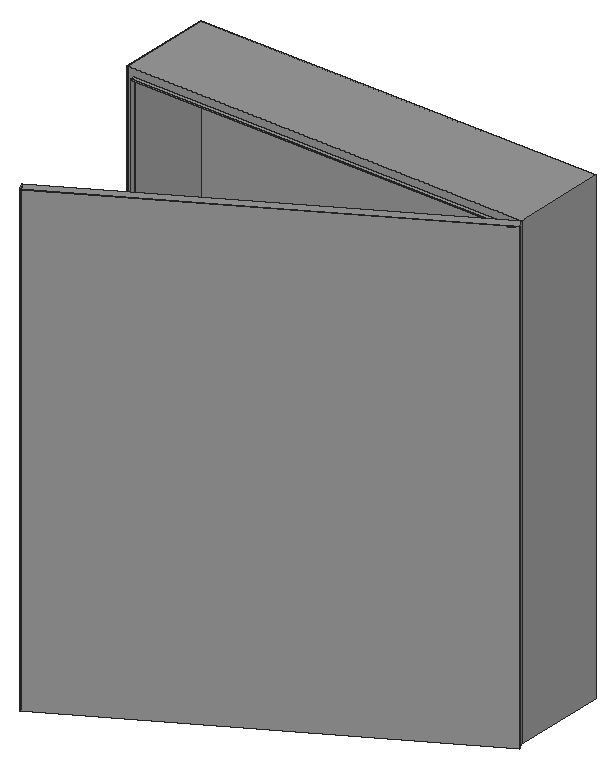
Revit family "Hager-Univers-IP54-D205-H950-Cl.II-Encl-NoHosted-AT-de", category Equipement électrique, Revit 2020
Family settings
  Configuration du panneau = Deux colonnes, circuits au sein
  Cote de connecteur circulaire = Utiliser le diamètre
  Type d'élément = Tableau de raccordement
  Basée sur le plan de construction = Oui
  Toujours verticalement = Oui
  Couper avec des vides une fois chargée = Non
  Partagée = Non
  Point de calcul de pièce = Non
Parameters (values of type "Aufputz IP54 B800 H950 T205  - FP63SW2")
  Width Control [instance] = if([EF000008 - Breite] > Min Width, [EF000008 - Breite], Min Width)  # 800 mm
  Commentaires du type = [HG000003 - Bereich]  # "Univers"
  Thickness Door [instance] = if([EF009171 - Materialstärke Tür/Deckel] > 3 mm, 3 mm, [EF009171 - Materialstärke Tür/Deckel])  # 1 mm
  Seal Frame Offset [instance] = 17 mm  # constant formula
  Plinth Visibility [instance] = [HG000027 - Sockelhöhe] > 0 mm  # no
  Min Width [instance] = 100 mm  # constant formula
  Min Depth [instance] = (2 * [EF009170 - Materialstärke Gehäuse]) + 1 mm  # 3 mm
  Min Height [instance] = 100 mm  # constant formula
  Internal Frame Depth [instance] = (Door System Depth * 0.5)  # 9 mm
  Panel Name [instance] = ""  # (empty or 0)
  Model = ""
  HG000027 - Sockelhöhe = 0 mm
  HG000026 - Stehend auf dem Boden = no
  HG000024 - Höhe des unteren Teils = 600 mm
  HG000023 - Gehäuse mit doppeltem Querschnitt = no
  HG000016 - 3D-Türsichtbarkeit [instance] = yes
  HG000015 - Sichtbarkeit der Türöffnung [instance] = no
  HG000014 - Tür rechts [instance] = yes
  HG000013 - Tür links [instance] = not([HG000014 - Tür rechts])  # no
  HG000012 - Türschwenkwinkel [instance] = 30.00°
  HG000010 - Asymmetrische Türen = no
  HG000009 - Doppelflügeligen Tür = no
  HG000006 - Unterputz = no
  HG000004 - Herstellerreferenz = "FP63SW2"
  HG000003 - Bereich = "Univers"
  HG000002 - Mit tür = yes
  Frame Offset Bottom [instance] = 10 mm  # constant formula
  Frame Offset [instance] = 15 mm  # constant formula
  EF015940 - Deckel mit Überdruckentlastung = no
  EF011959 - Schutzart (NEMA) = ""
  EF009554 - Anzahl der Öffnungen für Flanschplatten = 6
  EF009212 - Ausführung Deckel = "EV000116 - geschlossen"
  EF009171 - Materialstärke Tür/Deckel = 1 mm
  EF009170 - Materialstärke Gehäuse = 1 mm
  EF008873 - Nennstrom (In) = 250 A
  EF007800 - Geeignet für Blitzschutz = no
  EF006306 - Mit Schloss = no
  EF006244 - Transparenter Deckel/Tür = no
  EF005474 - Schutzart (IP) = "EV006419 - IP54"
  EF004464 - Art der Tür = "EV002646 - Einzel"
  EF004427 - Anzahl der Module = 216
  EF004293 - Schlagfestigkeit = "EV006815 - IK09"
  EF003532 - Geeignet für Außengebrauch = no
  EF002950 - Breite in Teilungseinheiten = 36
  EF001613 - Funktionserhalt = "EV000494 - ohne"
  EF001596 - Werkstoff des Gehäuses = "EV000179 - Stahl"
  EF001131 - Innentiefe = 130 mm
  EF001088 - Anbaumöglichkeit = yes
  EF000437 - Anzahl der Leitungseinführungen = 6
  EF000339 - Art der Abdeckung = "EV004216 - Tür"
  EF000266 - Anzahl der Reihen = 6
  EF000218 - Einbautiefe = 205 mm
  EF000118 - Mit Montageplatte = no
  EF000116 - RAL-Nummer = "9010"
  EF000049 - Tiefe = 205 mm
  EF000040 - Höhe = 950 mm
  EF000008 - Breite = 800 mm
  EF000007 - Farbe = "EV000202 - weiß"
  EF000003 - Montageart = "EV000384 - Aufputz"
  Door System Leaf Tolerance [instance] = 1.5 mm  # constant formula
  Door System Depth [instance] = 18 mm  # constant formula
  Door Height [instance] = Height Control - [HG000027 - Sockelhöhe]  # 950 mm
  Description = ""
  Default Elevation = 1219.2 mm
  Connector Offset [instance] = Height Control / 2  # 475 mm
  Fabricant = "Hager"  # constant formula
  Height Control [instance] = if([EF000040 - Höhe] > Min Height, [EF000040 - Höhe], Min Height)  # 950 mm
  Depth Control [instance] = if([EF000049 - Tiefe] > Min Depth, [EF000049 - Tiefe], Min Depth)  # 205 mm
  Bottom Top Plate Trim [instance] = 1.5 mm  # constant formula
  Plinth height Ctrl [instance] = if([HG000027 - Sockelhöhe] > 0 mm, [HG000027 - Sockelhöhe], 12 mm)  # 12 mm
Types (5, lengths in mm): name | Width Control | HG000010 - Asymmetrische Türen | HG000009 - Doppelflügeligen Tür | HG000004 - Herstellerreferenz | EF009554 - Anzahl der Öffnungen für Flanschplatten | EF004464 - Art der Tür | EF004427 - Anzahl der Module | EF002950 - Breite in Teilungseinheiten | EF000437 - Anzahl der Leitungseinführungen | EF000008 - Breite
  Aufputz IP54 B1050 H950 T205  - FP64SW2 | 1050 | no | yes | "FP64SW2" | 8 | "EV003602 - Doppel" | 288 | 48 | 8 | 1050
  Aufputz IP54 B1300 H950 T205  - FP65SW2 | 1300 | yes | yes | "FP65SW2" | 10 | "EV003602 - Doppel" | 360 | 60 | 10 | 1300
  Aufputz IP54 B300 H950 T205  - FP61SW2 | 300 | no | no | "FP61SW2" | 2 | "EV002646 - Einzel" | 72 | 12 | 2 | 300
  Aufputz IP54 B550 H950 T205  - FP62SW2 | 550 | no | no | "FP62SW2" | 4 | "EV002646 - Einzel" | 144 | 24 | 4 | 550
  Aufputz IP54 B800 H950 T205  - FP63SW2 | 800 | no | no | "FP63SW2" | 6 | "EV002646 - Einzel" | 216 | 36 | 6 | 800
Reference planes
  plane 1 "Center (Front/Back)": y = 0
  plane 2: z = 0
  plane 3 "Center (Left/Right)": x = 0
  plane 4: y = 0
  plane 5: y = 0
  plane 6: z = 0
  plane 7: x = -400
  plane 8: x = 400
  plane 9: x = 399
  plane 10: x = -399
  plane 11: z = 0
  plane 12: z = 1
  plane 13: y = -205
  plane 14: y = -1
  plane 15: x = 0
  plane 16: y = -187
  plane 17: y = -204
  plane 18: y = -186
  plane 19: x = -384
  plane 20: x = 384
  plane 21: z = 11
  plane 22: x = -383
  plane 23: x = 383
  plane 24: z = 0
  plane 25: z = 950
  plane 26: z = 950
  plane 27: z = 934
  plane 28: z = 949
Forms (mm)
  Extrusion 1, solid, material "Hager_Steel_RAL7035_Light_Grey", detail levels medium+fine
    sketch origin (-208.679, -4572, 0) x (-1, 0, 0) y (0, -1, 0)
      loop
        line (191.321, -4385) -> (-608.679, -4385) -> (-608.679, -4572) -> (191.321, -4572) -> (191.321, -4385)
    from 0 to 950
  Extrusion 2, void
    sketch origin (-350.771, -205, 1219.2) x (1, 0, 0) y (0, 0, 1)
      loop
        line (-48.229, -270.2) -> (-48.229, -1218.2) -> (749.771, -1218.2) -> (749.771, -270.2) -> (-48.229, -270.2)
    from -19 to -204
  Extrusion 3, void
    sketch origin (-290.084, -187, 1219.2) x (1, 0, 0) y (0, 0, 1)
      loop
        line (-93.916, -1208.2) -> (674.084, -1208.2) -> (674.084, -285.2) -> (-93.916, -285.2) -> (-93.916, -1208.2)
    from 0 to -1
  Extrusion 4, solid, material "Hager_Steel_RAL7035_Light_Grey", visible <- "Plinth Visibility", detail levels medium+fine
    sketch origin (0, 0, 0) x (1, 0, 0) y (0, 1, 0)
      loop
        line (-400, 0) -> (-400, -187) -> (400, -187) -> (400, 0) -> (-400, 0)
    from 0 to 12 <- "Plinth height Ctrl"
  Extrusion 5, solid, material "Hager_Steel_RAL7035_Light_Grey", detail levels coarse
    sketch origin (0, 0, 0) x (1, 0, 0) y (0, 1, 0)
      loop
        line (-400, 0) -> (-400, -205) -> (400, -205) -> (400, 0) -> (-400, 0)
    from 0 to 950 <- "Height Control"
  Sweep 6, void
    path in 3D
      loop
        line (-400, -187, 12) -> (400, -187, 12) -> (400, 0, 12) -> (-400, 0, 12) -> (-400, -187, 12)
    profile origin (-400, -93.5, 12) x (1, 0, 0) y (0, 0, 1)
      loop
        line (0, 0) -> (0, -1.5) -> (1.5, -1.5)
        arc (1.5, -1.5) -> (1.061, -0.439) -> (0, 0) r 1.5
  Extrusion 7, solid, material "Hager_Steel_RAL7035_Light_Grey", detail levels fine
    sketch origin (-400, -187, 0) x (1, 0, 0) y (0, 0, 1)
      loop
        line (16, 11) -> (784, 11) -> (784, 934) -> (16, 934) -> (16, 11)
      loop
        line (15, 10) -> (785, 10) -> (785, 935) -> (15, 935) -> (15, 10)
    from 0 to 9 <- "Internal Frame Depth"
Cuts and joins
  Extrusion 2, Extrusion 3 cuts Extrusion 1
  Sweep 6 cuts Extrusion 4
Lines and regions (mm)
  Masking region 1
    outline origin (0, 0, 0) x (1, 0, 0) y (0, 1, 0)
      loop
        line (-400, 0) -> (-400, -205) -> (400, -205) -> (400, 0) -> (-400, 0)
  Masking region 2, detail levels coarse
    outline origin (-290.084, -187, 1219.2) x (-1, 0, 0) y (0, 0, 1)
      loop
        line (-690.084, -1219.2) -> (109.916, -1219.2) -> (109.916, -269.2) -> (-690.084, -269.2) -> (-690.084, -1219.2)
  Masking region 3, detail levels coarse
    outline origin (0, 0, 0) x (0, 1, 0) y (0, 0, 1)
      loop
        line (0, 0) -> (0, 950) -> (-205, 950) -> (-205, 0) -> (0, 0)
  Masking region 4, visible <- "Plinth Visibility", detail levels medium+fine
    outline origin (0, 0, 0) x (0, 1, 0) y (0, 0, 1)
      loop
        line (-1.5, 12) -> (-185.5, 12)
        arc (-185.5, 12) -> (-185.939, 10.939) -> (-187, 10.5) r 1.5
        line (-187, 10.5) -> (-187, 0) -> (0, 0) -> (0, 10.5)
        arc (0, 10.5) -> (-1.061, 10.939) -> (-1.5, 12) r 1.5
  Masking region 5, detail levels medium+fine
    outline origin (0, 0, 594.038) x (0, 1, 0) y (0, 0, 1)
      loop
        line (0, -594.038) -> (0, 355.962) -> (-187, 355.962) -> (-187, -594.038) -> (0, -594.038)
  Masking region 6, detail levels medium+fine
    outline origin (-359.7, -187, 1211.883) x (-1, 0, 0) y (0, 0, 1)
      loop
        line (-759.7, -1211.883) -> (40.3, -1211.883) -> (40.3, -261.883) -> (-759.7, -261.883) -> (-759.7, -1211.883)
  Masking region 7, visible <- "Plinth Visibility", detail levels medium+fine
    outline origin (-320.334, -187, 1041.368) x (-1, 0, 0) y (0, 0, 1)
      loop
        line (-720.334, -1041.368) -> (79.666, -1041.368) -> (79.666, -1030.868)
        arc (79.666, -1030.868) -> (78.606, -1030.429) -> (78.166, -1029.368) r 1.5
        line (78.166, -1029.368) -> (-718.834, -1029.368)
        arc (-718.834, -1029.368) -> (-719.273, -1030.429) -> (-720.334, -1030.868) r 1.5
        line (-720.334, -1030.868) -> (-720.334, -1041.368)
  sketch lines
    curve 1: line (-400, 0, 12) -> (-400, -187, 12)
    curve 2: line (-400, -187, 12) -> (400, -187, 12)
    curve 3: line (400, 0, 12) -> (-400, 0, 12)
    curve 4: line (400, -187, 12) -> (400, 0, 12)
Dimensions and locks
  locked: plane 1 "Center (Front/Back)" to plane 5
  "EF009170 - Materialstärke Gehäuse": plane 7 to plane 10
  "EF009170 - Materialstärke Gehäuse": plane 8 to plane 9
  equal spacing: plane 7, plane 3 "Center (Left/Right)", plane 8
  "Width Control": plane 7 to plane 8
  "Depth Control": plane 4 to plane 13
  "EF009170 - Materialstärke Gehäuse": plane 4 to plane 14
  "Height Control": plane 25 to level
  "HG000027 - Sockelhöhe": plane 11 to level
  "EF009170 - Materialstärke Gehäuse": plane 12 to plane 11
  "EF009170 - Materialstärke Gehäuse": plane 17 to plane 13
  "EF009170 - Materialstärke Gehäuse": plane 18 to plane 16
  "Frame Offset Bottom": plane 21 to plane 12
  "Frame Offset": plane 10 to plane 19
  "Frame Offset": plane 9 to plane 20
  "Door System Depth": plane 16 to plane 13
  "Seal Frame Offset": plane 7 to plane 22
  "Seal Frame Offset": plane 8 to plane 23
  "EF009170 - Materialstärke Gehäuse": plane 26 to plane 28
  "Frame Offset": plane 28 to plane 27
  "Connector Offset": plane 2 to connector elem
  "Bottom Top Plate Trim": profile plane to Sweep 6 sketch curve
  "Bottom Top Plate Trim": Sweep 6 sketch curve to Sweep 6 sketch curve
  "Plinth height Ctrl": Masking region 4 sketch curve to level
  "Plinth height Ctrl": Masking region 7 sketch curve to level
  "Thickness Door": Extrusion 7 sketch curve to Extrusion 7 sketch curve  (x4)
  "Bottom Top Plate Trim": radius of Sweep 6 sketch curve
  "Bottom Top Plate Trim": radius of Masking region 4 sketch curve  (x2)
  "Bottom Top Plate Trim": radius of Masking region 7 sketch curve  (x2)
  aligned and locked: Extrusion 2 sketch curve to plane 12
  aligned and locked: Extrusion 2 sketch curve to plane 9
  aligned and locked: Extrusion 2 sketch curve to plane 10
  aligned and locked: Extrusion 2 to plane 14
  aligned and locked: Extrusion 1 sketch curve to plane 4
  aligned and locked: plane 8 to Extrusion 1 sketch curve
  aligned and locked: plane 7 to Extrusion 1 sketch curve
  aligned and locked: Extrusion 2 to plane 18
  aligned and locked: Extrusion 3 sketch curve to plane 19
  aligned and locked: plane 20 to Extrusion 3 sketch curve
  aligned and locked: Extrusion 3 to Extrusion 2
  aligned and locked: Extrusion 3 sketch curve to plane 21
  aligned and locked: plane 3 "Center (Left/Right)" to nested 1
  aligned and locked: Extrusion 1 sketch curve to plane 16
  aligned and locked: Extrusion 4 sketch curve to cut or joined group of Extrusion 1, Extrusion 2, Extrusion 3
  aligned and locked: Masking region 1 sketch curve to plane 7
  aligned and locked: Masking region 1 sketch curve to plane 5
  aligned and locked: Masking region 1 sketch curve to plane 8
  aligned and locked: Masking region 2 sketch curve to level
  aligned and locked: level to Masking region 3 sketch curve
  aligned and locked: plane 1 "Center (Front/Back)" to Masking region 3 sketch curve
  aligned and locked: plane 13 to Masking region 3 sketch curve
  aligned and locked: plane 5 to Masking region 4 sketch curve
  aligned and locked: Masking region 2 sketch curve to plane 8
  aligned and locked: Masking region 2 sketch curve to plane 7
  aligned and locked: plane 7 to nested 2
  aligned and locked: nested 2 to plane 5
  aligned and locked: plane 5 to Masking region 5 sketch curve
  aligned and locked: plane 26 to Masking region 5 sketch curve
  aligned and locked: Extrusion 5 sketch curve to plane 8
  aligned and locked: Extrusion 5 sketch curve to plane 7
  aligned and locked: Extrusion 5 sketch curve to plane 5
  aligned and locked: Extrusion 3 sketch curve to plane 27
  aligned and locked: Extrusion 2 sketch curve to plane 28
  aligned and locked: Masking region 2 to plane 25
  aligned and locked: Extrusion 4 to plane 16
  aligned and locked: profile plane to Sweep 6 sketch curve
  aligned and locked: Masking region 5 sketch curve to plane 24
  aligned and locked: level to Masking region 4 sketch curve
  aligned and locked: Masking region 1 to plane 13
  aligned and locked: nested 1 to plane 16
  aligned and locked: Masking region 3 to plane 25
  aligned and locked: plane 16 to Masking region 4 sketch curve
  aligned and locked: Masking region 5 sketch curve to plane 16
  aligned and locked: plane 24 to plane 11
  aligned and locked: plane 26 to plane 25
  aligned and locked: plane 26 to cut or joined group of Extrusion 1, Extrusion 2, Extrusion 3
  aligned and locked: nested 1 to plane 24
  aligned and locked: Extrusion 1 to Extrusion 3
  aligned and locked: Masking region 6 sketch curve to plane 8
  aligned and locked: Masking region 6 sketch curve to plane 24
  aligned and locked: Masking region 6 sketch curve to plane 7
  aligned and locked: Masking region 6 sketch curve to plane 26
  aligned and locked: Masking region 7 sketch curve to plane 7
  aligned and locked: level to Masking region 7 sketch curve
  aligned and locked: Masking region 7 sketch curve to plane 8
  aligned and locked: Extrusion 7 sketch curve to cut or joined group of Extrusion 1, Extrusion 2, Extrusion 3  (x4)
Automatic sketch dimensions
  plane 19 to Extrusion 3 sketch curve = 0 mm
  Extrusion 3 sketch curve to plane 20 = 0 mm
  Extrusion 3 sketch curve to plane 21 = 0 mm
  Extrusion 4 sketch curve to plane 7 = 0 mm
  Extrusion 4 sketch curve to plane 8 = 0 mm
  Extrusion 4 sketch curve to plane 16 = 0 mm
  Masking region 1 sketch curve to plane 13 = 0 mm
  Masking region 2 sketch curve to plane 25 = 0 mm
  Masking region 3 sketch curve to plane 25 = 0 mm
  Extrusion 5 sketch curve to plane 13 = 0 mm
  profile plane to Sweep 6 sketch curve = 0 mm
Nested families
  nested 1: "EC000058_Univers_Door" at (0, -187, 0), Double <- "HG000009 - Doppelflügeligen Tür", Transparent <- "EF006244 - Transparenter Deckel/Tür", Angle <- "HG000012 - Türschwenkwinkel", Door_Right <- "HG000014 - Tür rechts", Assymetrical <- "HG000010 - Asymmetrische Türen", Door <- "HG000002 - Mit tür", Width_Ctrl <- "Width Control", 3d_Door <- "HG000016 - 3D-Türsichtbarkeit", Clearance <- "HG000015 - Sichtbarkeit der Türöffnung", Door_Left <- "HG000013 - Tür links", Width <- "Width Control", Door_Depth <- "Door System Depth", Leaf_Tolerance <- "Door System Leaf Tolerance", Height <- "Door Height", Lock_Visibility <- "EF006306 - Mit Schloss", Thickness <- "Thickness Door", type "EC000058_Univers_Door", detail levels medium+fine
    with min_wh 3 mm, Width_Ctrl 800 mm, Width 800 mm, Transparent no, Thickness 1 mm, Seal_Material Hager_Rubber, Lock_Visibility no, Lock_Material Hager_Plastic_RAL9005_Jet_Black, Leaf_Width 800 mm, Leaf_Tolerance_External_Sides 0 mm, Leaf_Tolerance 1.5 mm, Leaf_Offset 0 mm, Leaf_Height 947 mm, Leaf_2_Width 800 mm, Leaf_2_Offset 400 mm, Leaf_1_Width 800 mm, Leaf_1_Offset 400 mm, Height_Ctrl 950 mm, Height 950 mm, Glass_Material Hager_Glass, Double_Clearance_Ctrl no, Double no, Door_Right_Ctrl yes, Door_Right yes, Door_Material Hager_Steel_RAL7035_Light_Grey, Door_Left_Ctrl no, Door_Left no, Door_Depth 18 mm, Door yes, Clearance_Material Hager_Clearance, Clearance_Depth 800 mm, Clearance_Ctrl no, Clearance no, Assymetrical no, Angle 30.00°, 3d_Door yes
  nested 2: "Hager_Enclosure_Symbol" at (-400, 0, 0), Height <- "Depth Control", Width <- "Width Control", type "Hager_Enclosure_Symbol"
    with Width_Ctrl 800 mm, Width 800 mm, Height_Ctrl 205 mm, Height 205 mm, A_Width_Int 13.453 mm, A_Width 161.438 mm, A_Height_Ctrl 179.375 mm, A_Height 179.375 mm
Connectors
  electrical at (0, 0, 475)
    settings: on plane 1 "Center (Front/Back)", index 1, voltage 0 V, apparent load 0 VA, apparent load phase1 0 VA, apparent load phase2 0 VA, apparent load phase3 0 VA, power factor 1, load classification "Other", number of poles 1, system type 30, power factor state 1, is connector primary yes, connector utility no, sub classification motor no, connector description ""
Definition of nested family "EC000058_Univers_Door"
  Parameters (values of type "EC000058_Univers_Door")
    min_wh [instance] = (2 * Thickness) + 1 mm  # 11 mm
    Width_Ctrl [instance] = 400 mm
    Width [instance] = 500 mm
    Transparent [instance] = yes
    Thickness [instance] = 5 mm
    Seal_Material [instance] = none
    Lock_Visibility [instance] = yes
    Lock_Material [instance] = none
    Leaf_Width [instance] = if((Width_Ctrl - 2 * Leaf_Tolerance_External_Sides) > 0 mm, (Width_Ctrl - 2 * Leaf_Tolerance_External_Sides), min_wh)  # 400 mm
    Leaf_Tolerance_External_Sides [instance] = 0 mm  # constant formula
    Leaf_Tolerance [instance] = 1.5 mm
    Leaf_Offset [instance] = 0 mm  # constant formula
    Leaf_Height [instance] = if((Height_Ctrl - 2 * Leaf_Tolerance) > 0 mm, (Height_Ctrl - 2 * Leaf_Tolerance), min_wh)  # 497 mm
    Leaf_2_Width [instance] = if(and(and(Double, Assymetrical), Door_Left), (Leaf_Width / 3) - (Leaf_Tolerance / 2), if(and(and(Double, Assymetrical), Door_Right), (Leaf_Width / 3) * 2 - (Leaf_Tolerance / 2), if(and(Double, not(Assymetrical)), (Leaf_Width / 2) - Leaf_Tolerance, Leaf_Width)))  # 400 mm
    Leaf_2_Offset [instance] = if(and(Double, Assymetrical), Leaf_2_Width / 2, if(and(Double, not(Assymetrical)), Leaf_Width / 4, Leaf_Width / 2))  # 200 mm
    Leaf_1_Width [instance] = if(and(and(Double, Assymetrical), Door_Right), (Leaf_Width / 3) - (Leaf_Tolerance / 2), if(and(and(Double, Assymetrical), Door_Left), (Width / 3) * 2 - (Leaf_Tolerance / 2), if(and(Double, not(Assymetrical)), (Leaf_Width / 2) - Leaf_Tolerance, Leaf_Width)))  # 400 mm
    Leaf_1_Offset [instance] = if(and(Double, Assymetrical), Leaf_1_Width / 2, if(and(Double, not(Assymetrical)), Leaf_Width / 4, Leaf_Width / 2))  # 200 mm
    Height_Ctrl [instance] = if(Height > min_wh, Height, min_wh)  # 500 mm
    Height [instance] = 500 mm
    Glass_Material [instance] = none
    Double_Clearance_Ctrl [instance] = and(Double, Clearance)  # no
    Double [instance] = no
    Door_Right_Ctrl [instance] = and(or(Door_Right, Double), Door)  # yes
    Door_Right [instance] = yes
    Door_Material [instance] = none
    Door_Left_Ctrl [instance] = and(or(Door_Left, Double), Door)  # no
    Door_Left [instance] = no
    Door_Depth [instance] = 30 mm
    Door [instance] = yes
    Default Elevation = 1219.2 mm
    Clearance_Material [instance] = none
    Clearance_Depth [instance] = if(Leaf_1_Width > Leaf_2_Width, Leaf_1_Width, Leaf_2_Width)  # 400 mm
    Clearance_Ctrl [instance] = and(not(Double), Clearance)  # yes
    Clearance [instance] = yes
    Assymetrical [instance] = yes
    Angle [instance] = 30.00°
    3d_Door [instance] = yes
  Reference planes
    plane 1 "Center (Front/Back)": y = 0
    plane 2 "Bottom": z = 0
    plane 3 "Center (Left/Right)": x = 0
    plane 4: z = 500
    plane 5: x = -200
    plane 6: x = 200
    plane 7: z = 500
    plane 8: x = -200
    plane 9: z = 0
    plane 10: x = 200
    plane 11: y = 0
    plane 12: z = 1.5
    plane 13: x = -600
    plane 14: y = -400
    plane 15: x = 600
    plane 16: x = 0
    plane 17: x = 0
    plane 18: x = -200
    plane 19: x = 200
    plane 20: z = 498.5
  Forms (mm)
    Extrusion 1, solid, material <- "Clearance_Material", visible <- "Double_Clearance_Ctrl"
      sketch origin (1200, 0, 0) x (1, 0, 0) y (0, 0, -1)
        loop
          line (-1800, -498.5) -> (-600, -498.5) -> (-600, 0) -> (-1800, 0) -> (-1800, -498.5)
      from 0 to -400
  Dimensions and locks
    equal spacing: plane 5, plane 3 "Center (Left/Right)", plane 6
    "Width_Ctrl": plane 5 to plane 6
    "Leaf_Offset": plane 5 to plane 8
    "Leaf_Offset": plane 6 to plane 10
    "Leaf_Offset": plane 9 to level
    "Leaf_Offset": plane 4 to plane 7
    "Height_Ctrl": plane 4 to level
    "Leaf_Tolerance": plane 12 to plane 9
    locked: plane 11 to plane 1 "Center (Front/Back)"
    "Leaf_1_Offset": plane 18 to plane 16
    "Leaf_2_Offset": plane 17 to plane 19
    "Leaf_1_Width": plane 13 to plane 8
    "Leaf_2_Width": plane 10 to plane 15
    "Clearance_Depth": plane 14 to plane 1 "Center (Front/Back)"
    "Leaf_Tolerance_External_Sides": plane 8 to plane 18
    "Leaf_Tolerance_External_Sides": plane 19 to plane 10
    "Leaf_Tolerance": plane 7 to plane 20
    aligned and locked: level to plane 2 "Bottom"
    aligned and locked: nested 1 to plane 16
    aligned and locked: nested 2 to plane 17
    aligned and locked: Extrusion 1 to plane 13
    aligned and locked: plane 15 to Extrusion 1
    aligned and locked: Extrusion 1 to plane 14
    aligned and locked: plane 12 to nested 1
    aligned and locked: nested 2 to plane 12
    aligned and locked: Extrusion 1 to plane 11
    aligned and locked: plane 20 to Extrusion 1
    aligned and locked: nested 2 to plane 11
    aligned and locked: nested 1 to plane 11
  Automatic sketch dimensions
    Extrusion 1 sketch curve to level = 0 mm
    plane 5 to Extrusion 1 sketch curve = 400 mm
    plane 6 to Extrusion 1 sketch curve = 400 mm
    Extrusion 1 sketch curve to plane 4 = 1.5 mm
  Nested families
    nested 1: "EC000058_Univers_Door_Leaf" at (0, 0, 1.5), Width <- "Leaf_1_Width", visible <- "Door_Left_Ctrl", Leaf_Height <- "Leaf_Height", Angle <- "Angle", 3d_Door <- "3d_Door", Transparent <- "Transparent", Clearance Material <- "Clearance_Material", Clearance <- "Clearance_Ctrl", Door_Material <- "Door_Material", Glass_Material <- "Glass_Material", Door_Depth <- "Door_Depth", Lock_Material <- "Lock_Material", Seal_Material <- "Seal_Material", Lock_Visibility <- "Lock_Visibility", Thickness <- "Thickness", type "EC000058_Univers_Door_Leaf"
      with Width 400 mm, Transparent_Glass_Offset 30 mm, Transparent_Ctrl yes, Transparent yes, Thickness 5 mm, Standard no, Seal_Material none, Seal_D2 8 mm, Seal_D1 1 mm, Offset_Internal_Frame 10 mm, Lock_Width 20 mm, Lock_Visibility_3d yes, Lock_Visibility yes, Lock_Thickness_3 3 mm, Lock_Thickness_2 1 mm, Lock_Thickness_1 3 mm, Lock_Radius_Offset_2 16 mm, Lock_Radius_Offset_1 15 mm, Lock_Radius_2 5 mm, Lock_Radius 6 mm, Lock_Offset 5 mm, Lock_Material none, Lock_Height 80 mm, Lock_Cover_Top_Offset_2d 17 mm, Lock_Cover_Height -65 mm, Leaf_Height 497 mm, Internal_Seal_Thickness 8 mm, Internal_Seal_Depth_2 4.5 mm, Internal_Frame_Depth 25 mm, Glass_Thickness -1 mm, Glass_Offset -2 mm, Glass_Material none, Door_Material none, Door_Depth 30 mm, Clearance Material none, Clearance yes, Angle_Ctrl 30.00°, Angle 30.00°, 3d_Door yes
    nested 2: "EC000058_Univers_Door_Leaf" at (0, 0, 1.5) x (-1, 0, 0) z (0, 0, 1), Width <- "Leaf_2_Width", visible <- "Door_Right_Ctrl", Leaf_Height <- "Leaf_Height", Angle <- "Angle", 3d_Door <- "3d_Door", Transparent <- "Transparent", Clearance Material <- "Clearance_Material", Clearance <- "Clearance_Ctrl", Door_Material <- "Door_Material", Glass_Material <- "Glass_Material", Door_Depth <- "Door_Depth", Lock_Material <- "Lock_Material", Seal_Material <- "Seal_Material", Lock_Visibility <- "Lock_Visibility", Thickness <- "Thickness", type "EC000058_Univers_Door_Leaf"
      with Width 400 mm, Transparent_Glass_Offset 30 mm, Transparent_Ctrl yes, Transparent yes, Thickness 5 mm, Standard no, Seal_Material none, Seal_D2 8 mm, Seal_D1 1 mm, Offset_Internal_Frame 10 mm, Lock_Width 20 mm, Lock_Visibility_3d yes, Lock_Visibility yes, Lock_Thickness_3 3 mm, Lock_Thickness_2 1 mm, Lock_Thickness_1 3 mm, Lock_Radius_Offset_2 16 mm, Lock_Radius_Offset_1 15 mm, Lock_Radius_2 5 mm, Lock_Radius 6 mm, Lock_Offset 5 mm, Lock_Material none, Lock_Height 80 mm, Lock_Cover_Top_Offset_2d 17 mm, Lock_Cover_Height -65 mm, Leaf_Height 497 mm, Internal_Seal_Thickness 8 mm, Internal_Seal_Depth_2 4.5 mm, Internal_Frame_Depth 25 mm, Glass_Thickness -1 mm, Glass_Offset -2 mm, Glass_Material none, Door_Material none, Door_Depth 30 mm, Clearance Material none, Clearance yes, Angle_Ctrl 30.00°, Angle 30.00°, 3d_Door yes
  Definition of nested family "EC000058_Univers_Door_Leaf"
    Parameters (values of type "EC000058_Univers_Door_Leaf")
      Width [instance] = 2000 mm
      Transparent_Glass_Offset [instance] = 30 mm
      Transparent_Ctrl [instance] = and(Transparent, [3d_Door])  # yes
      Transparent [instance] = yes
      Thickness [instance] = 5 mm
      Standard [instance] = and(not(Transparent), [3d_Door])  # no
      Seal_Material [instance] = none
      Seal_D2 [instance] = 8 mm  # constant formula
      Seal_D1 [instance] = 1 mm  # constant formula
      Offset_Internal_Frame [instance] = 10 mm  # constant formula
      Lock_Width [instance] = 20 mm  # constant formula
      Lock_Visibility_3d [instance] = and(Lock_Visibility, [3d_Door])  # yes
      Lock_Visibility [instance] = yes
      Lock_Thickness_3 [instance] = 3 mm  # constant formula
      Lock_Thickness_2 [instance] = 1 mm  # constant formula
      Lock_Thickness_1 [instance] = 3 mm  # constant formula
      Lock_Radius_Offset_2 [instance] = Lock_Radius_Offset_1 + 1 mm  # 16 mm
      Lock_Radius_Offset_1 [instance] = 15 mm  # constant formula
      Lock_Radius_2 [instance] = Lock_Radius - 1 mm  # 5 mm
      Lock_Radius [instance] = 6 mm  # constant formula
      Lock_Offset [instance] = 5 mm  # constant formula
      Lock_Material [instance] = none
      Lock_Height [instance] = 80 mm  # constant formula
      Lock_Cover_Top_Offset_2d [instance] = Lock_Radius_Offset_2 + 1 mm  # 17 mm
      Lock_Cover_Height [instance] = -(Lock_Height - Lock_Radius_Offset_1)  # -65 mm
      Leaf_Height [instance] = 2720.336 mm
      Internal_Seal_Thickness [instance] = 8 mm  # constant formula
      Internal_Seal_Depth_2 [instance] = 4.5 mm  # constant formula
      Internal_Frame_Depth [instance] = if(Door_Depth - Thickness > 5 mm, Door_Depth - Thickness, 5 mm)  # 25 mm
      Glass_Thickness [instance] = if(Thickness > 15 mm, Glass_Offset + 10 mm, -1 mm)  # -1 mm
      Glass_Offset [instance] = if(Thickness > 15 mm, -(Thickness + 10 mm) / 2, -2 mm)  # -2 mm
      Glass_Material [instance] = none
      Door_Material [instance] = none
      Door_Depth [instance] = 30 mm
      Default Elevation = 0 mm
      Clearance Material [instance] = none
      Clearance [instance] = yes
      Angle_Ctrl [instance] = if(Angle > 180.00°, 180.00°, Angle)  # 90.00°
      Angle [instance] = 90.00°
      3d_Door [instance] = yes
    Reference planes
      plane 1 "Center (Front/Back)": y = 0
      plane 2: z = 0
      plane 3 "Center (Left/Right)": x = 0
      plane 4: y = 2000
      plane 5: x = -1000
      plane 6: x = 1000
      plane 7: x = -3000
      plane 8: z = 2720.336
      plane 9: z = 30
      plane 10: z = 2690.336
      plane 11: x = 970
      plane 12: x = -970
      plane 13: y = -3
      plane 14: z = 107.833
      plane 15: y = -5
      plane 16: y = -223.314
      plane 17: x = -1000
      plane 18: z = 1360.168
      plane 19: y = 30
    Forms (mm)
      Extrusion 1, solid, material <- "Clearance Material", visible <- "Clearance"
        sketch origin (0, 0, 0) x (1, 0, 0) y (0, 0, 1)
          loop
            line (-3000, 2720.336) -> (-3000, 0) -> (1000, 0) -> (1000, 2720.336) -> (-3000, 2720.336)
        from 0 to -2000
      Extrusion 2, solid, material <- "Door_Material", visible <- "Standard", detail levels medium+fine
        sketch origin (-1000, 0, 0) x (0, 1, 0) y (-1, 0, 0)
          loop
            line (0, 30) -> (0, 25) -> (2000, 25) -> (2000, 30) -> (0, 30)
        from 0 to 2720.336 <- "Leaf_Height"
      Extrusion 3, solid, material <- "Door_Material", visible <- "Transparent_Ctrl", detail levels medium+fine
        sketch origin (-1000, 0, 0) x (0, 1, 0) y (-1, 0, 0)
          loop
            line (0, 25) -> (2000, 25) -> (2000, 30) -> (0, 30) -> (0, 25)
        from 0 to 2720.336 <- "Leaf_Height"
      Extrusion 4, void
        sketch origin (-1025, 2000, 0) x (0, 1, 0) y (0, 0, -1)
          loop
            line (-30, -2690.336) -> (-30, -30) -> (-1970, -30) -> (-1970, -2690.336) -> (-30, -2690.336)
        from 0 to 5 <- "Thickness"
      Sweep 5, solid, material <- "Seal_Material", visible <- "Transparent_Ctrl", detail levels fine
        path in 3D
          loop
            line (-1025, 30, 30) -> (-1025, 30, 2690.336) -> (-1025, 1970, 2690.336) -> (-1025, 1970, 30) -> (-1025, 30, 30)
        profile origin (-1025, 1000, 30) x (1, 0, 0) y (0, 0, 1)
          loop
            line (0, 0) -> (0, -8) -> (1, -8) -> (1, 0) -> (0, 0)
      Extrusion 6, solid, material <- "Glass_Material", visible <- "Transparent_Ctrl", detail levels medium+fine
        sketch origin (-1030, 0, 0) x (0, 1, 0) y (0, 0, -1)
          loop
            line (1970, -2690.336) -> (1970, -30) -> (30, -30) -> (30, -2690.336) -> (1970, -2690.336)
        from -2 <- "Glass_Offset" to -1 <- "Glass_Thickness"
      Extrusion 7, solid, material <- "Door_Material", visible <- "3d_Door", detail levels medium+fine
        sketch origin (-1025, 2000, 0) x (0, -1, 0) y (0, 0, -1)
          loop
            line (0, -2720.336) -> (2000, -2720.336) -> (2000, 0) -> (0, 0) -> (0, -2720.336)
          loop
            line (1995, -5) -> (5, -5) -> (5, -2715.336) -> (1995, -2715.336) -> (1995, -5)
        from 0 to 25 <- "Internal_Frame_Depth"
      Sweep 8, solid, material <- "Seal_Material", visible <- "Transparent_Ctrl", detail levels fine
        path in 3D
          loop
            line (-1025, 0, 0) -> (-1025, 2000, 0) -> (-1025, 2000, 2720.336) -> (-1025, 0, 2720.336) -> (-1025, 0, 0)
        profile origin (-1025, 0, 1360.168) x (1, 0, 0) y (0, 1, 0)
          loop
            line (0, 10) -> (2.975, 10)
            arc (2.975, 10) -> (4.053, 10.447) -> (4.5, 11.525) r 1.525
            line (4.5, 11.525) -> (4.5, 16.527)
            arc (4.5, 16.527) -> (4.069, 17.569) -> (3.027, 18) r 1.473
            line (3.027, 18) -> (0, 18) -> (0, 10)
      Extrusion 9, solid, material <- "Lock_Material", visible <- "Lock_Visibility_3d", detail levels fine
        sketch origin (-1030, 0, 0) x (0, 1, 0) y (0, 0, -1)
          loop
            arc (1993.5, -1400.168) -> (1994.561, -1399.729) -> (1995, -1398.668) r 1.5
            line (1995, -1398.668) -> (1995, -1320.168) -> (1975, -1320.168) -> (1975, -1398.668)
            arc (1975, -1398.668) -> (1975.439, -1399.729) -> (1976.5, -1400.168) r 1.5
            line (1976.5, -1400.168) -> (1993.5, -1400.168)
        from 3 <- "Lock_Thickness_1" to 0
      Blend 10, solid, material <- "Lock_Material", visible <- "Lock_Visibility_3d", detail levels fine
        base sketch origin (-1033, 0, 0) x (0, 1, 0) y (0, 0, -1)
          loop
            line (1975, -1320.168) -> (1975, -1398.668)
            arc (1975, -1398.668) -> (1975.439, -1399.729) -> (1976.5, -1400.168) r 1.5
            line (1976.5, -1400.168) -> (1993.5, -1400.168)
            arc (1993.5, -1400.168) -> (1994.561, -1399.729) -> (1995, -1398.668) r 1.5
            line (1995, -1398.668) -> (1995, -1320.168) -> (1975, -1320.168)
        top sketch origin (-1033, 0, 0) x (0, 1, 0) y (0, 0, -1)
          loop
            line (1976, -1320.168) -> (1976, -1398.668)
            arc (1976, -1398.668) -> (1976.146, -1399.022) -> (1976.5, -1399.168) r 0.5
            line (1976.5, -1399.168) -> (1993.5, -1399.168)
            arc (1993.5, -1399.168) -> (1993.854, -1399.022) -> (1994, -1398.668) r 0.5
            line (1994, -1398.668) -> (1994, -1320.168) -> (1976, -1320.168)
        from 0 to 1 <- "Lock_Thickness_2"
      Blend 11, solid, material <- "Lock_Material", visible <- "Lock_Visibility_3d", detail levels fine
        base sketch origin (-1034, 0, 0) x (0, 1, 0) y (0, 0, -1)
          loop
            line (1978, -1320.168) -> (1978, -1384.168)
            arc (1978, -1384.168) -> (1985, -1391.168) -> (1992, -1384.168) r 7
            line (1992, -1384.168) -> (1992, -1320.168) -> (1978, -1320.168)
        top sketch origin (-1034, 0, 0) x (0, 1, 0) y (0, 0, -1)
          loop
            line (1991, -1320.168) -> (1979, -1320.168) -> (1979, -1383.168)
            arc (1979, -1383.168) -> (1985, -1389.168) -> (1991, -1383.168) r 6
            line (1991, -1383.168) -> (1991, -1320.168)
        from 0 to 3 <- "Lock_Thickness_3"
      Extrusion 12, solid, material <- "Lock_Material", visible <- "Lock_Visibility_3d", detail levels fine
        sketch origin (-1030, 1975, 1320.168) x (1, 0, 0) y (0, -1, 0)
          loop
            line (-7, -19) -> (-7, -1) -> (0, -1) -> (0, 0) -> (-8, 0) -> (-8, -20) -> (0, -20) -> (0, -19) -> (-7, -19)
        from 0 to -65 <- "Lock_Cover_Height"
      Extrusion 13, void
        sketch origin (-1038, 1995, 1320.168) x (-1, 0, 0) y (0, 0, -1)
          loop
            line (-5, -65) -> (0, -65) -> (-5, -60) -> (-5, -65)
        from 0 to 20 <- "Lock_Width"
      Extrusion 14, void
        sketch origin (-1038, 1975, 1320.168) x (0, -1, 0) y (0, 0, -1)
          loop
            circle (-10, -15.995) r 6
          loop
            circle (-10, -15.995) r 5
        from 0 to 2
      Extrusion 15, solid, material <- "Lock_Material", visible <- "Lock_Visibility_3d", detail levels medium
        sketch origin (-1030, 0, 0) x (0, 1, 0) y (0, 0, -1)
          loop
            arc (1993.5, -1400.168) -> (1994.561, -1399.729) -> (1995, -1398.668) r 1.5
            line (1995, -1398.668) -> (1995, -1320.168) -> (1975, -1320.168) -> (1975, -1398.668)
            arc (1975, -1398.668) -> (1975.439, -1399.729) -> (1976.5, -1400.168) r 1.5
            line (1976.5, -1400.168) -> (1993.5, -1400.168)
        from 8 to 0
    Cuts and joins
      Extrusion 4 cuts Extrusion 3
      Extrusion 13, Extrusion 14 cuts Extrusion 9
      Extrusion 14 cuts Blend 11
      Extrusion 13, Extrusion 14 cuts Extrusion 12
      joined: Extrusion 9, Blend 10, Blend 11, Extrusion 12
      Extrusion 14 cuts Extrusion 15
    Lines and regions (mm)
      Masking region 1, visible <- "Lock_Visibility", detail levels fine
        outline origin (0, 0, 0) x (0, 1, 0) y (0, 0, 1)
          loop
            line (30, 1320.168) -> (33, 1320.168) -> (33, 1400.168) -> (30, 1400.168) -> (30, 1320.168)
      Masking region 2, visible <- "Lock_Visibility", detail levels fine
        outline origin (0, 3.143, 0) x (0, 1, 0) y (0, 0, 1)
          loop
            line (29.857, 1354.168) -> (30.857, 1354.168) -> (30.857, 1366.168) -> (29.857, 1366.168) -> (29.857, 1354.168)
      Masking region 3, detail levels medium+fine
        outline origin (0, 0, 0) x (0, 1, 0) y (0, 0, 1)
          loop
            line (0, 0) -> (30, 0) -> (30, 2720.336) -> (0, 2720.336) -> (0, 0)
      Masking region 4, detail levels medium+fine
        outline origin (0, 0, 0) x (1, 0, 0) y (0, 0, 1)
          loop
            line (-1000, 2720.336) -> (-1000, 0) -> (1000, 0) -> (1000, 2720.336) -> (-1000, 2720.336)
      Masking region 5, visible <- "Lock_Visibility", detail levels fine
        outline origin (-47.116, 0, 0) x (1, 0, 0) y (0, 0, 1)
          loop
            arc (1024.616, 1399.168) -> (1023.556, 1398.729) -> (1023.116, 1397.668) r 1.5
            line (1023.116, 1397.668) -> (1023.116, 1320.168) -> (1041.116, 1320.168) -> (1041.116, 1397.668)
            arc (1041.116, 1397.668) -> (1040.677, 1398.729) -> (1039.616, 1399.168) r 1.5
            line (1039.616, 1399.168) -> (1024.616, 1399.168)
      Masking region 6, visible <- "Lock_Visibility", detail levels medium+fine
        outline origin (-25, 0, 0) x (1, 0, 0) y (0, 0, 1)
          loop
            arc (1001.5, 1400.168) -> (1000.439, 1399.729) -> (1000, 1398.668) r 1.5
            line (1000, 1398.668) -> (1000, 1320.168) -> (1020, 1320.168) -> (1020, 1398.668)
            arc (1020, 1398.668) -> (1019.561, 1399.729) -> (1018.5, 1400.168) r 1.5
            line (1018.5, 1400.168) -> (1001.5, 1400.168)
      Masking region 7, visible <- "Lock_Visibility", detail levels fine
        outline origin (-73.735, 0, 0) x (1, 0, 0) y (0, 0, 1)
          loop
            line (1051.735, 1382.168) -> (1065.735, 1382.168) -> (1065.735, 1384.168)
            arc (1065.735, 1384.168) -> (1058.735, 1391.168) -> (1051.735, 1384.168) r 7
            line (1051.735, 1384.168) -> (1051.735, 1382.168)
      Masking region 8, visible <- "Lock_Visibility", detail levels fine
        outline origin (-73.735, 0, 0) x (1, 0, 0) y (0, 0, 1)
          loop
            line (1052.735, 1382.168) -> (1064.735, 1382.168) -> (1064.735, 1383.168)
            arc (1064.735, 1383.168) -> (1058.735, 1389.168) -> (1052.735, 1383.168) r 6
            line (1052.735, 1383.168) -> (1052.735, 1382.168)
      Masking region 9, visible <- "Lock_Visibility", detail levels fine
        outline origin (-25, 0, 0) x (1, 0, 0) y (0, 0, 1)
          loop
            line (1020, 1320.168) -> (1020, 1382.168) -> (1000, 1382.168) -> (1000, 1320.168) -> (1020, 1320.168)
      Masking region 10, detail levels medium+fine
        outline origin (0, 0, 0) x (1, 0, 0) y (0, 0, 1)
          loop
            circle (985, 1335.144) r 6
      Masking region 11, detail levels fine
        outline origin (0, 0, 0) x (1, 0, 0) y (0, 0, 1)
          loop
            circle (985, 1335.144) r 5
      Masking region 12, visible <- "Lock_Visibility", detail levels fine
        outline origin (0, 12.767, 0) x (0, 1, 0) y (0, 0, 1)
          loop
            line (20.233, 1320.168) -> (21.233, 1320.168) -> (21.233, 1399.168) -> (20.233, 1400.168) -> (20.233, 1320.168)
      Masking region 13, visible <- "Lock_Visibility", detail levels fine
        outline origin (0, 13.767, -10) x (0, 1, 0) y (0, 0, 1)
          loop
            line (20.233, 1330.168) -> (23.233, 1330.168) -> (23.233, 1399.168) -> (20.233, 1402.168) -> (20.233, 1330.168)
      Masking region 14, visible <- "Lock_Visibility", detail levels fine
        outline origin (0, 12.767, -10) x (0, 1, 0) y (0, 0, 1)
          loop
            line (20.233, 1330.168) -> (25.233, 1330.168) -> (25.233, 1399.305) -> (20.233, 1394.305) -> (20.233, 1330.168)
      Masking region 15, visible <- "Lock_Visibility", detail levels medium
        outline origin (0, 0, 0) x (0, 1, 0) y (0, 0, 1)
          loop
            line (30, 1320.168) -> (38, 1320.168) -> (38, 1400.168) -> (30, 1400.168) -> (30, 1320.168)
      Masking region 16, visible <- "Lock_Visibility", detail levels fine
        outline origin (-1000, 0, 0) x (0, 1, 0) y (-1, 0, 0)
          loop
            line (1975, 30) -> (1995, 30) -> (1995, 38) -> (1975, 38) -> (1975, 30)
          loop
            line (1979, 37) -> (1976, 37) -> (1976, 34) -> (1978, 34) -> (1979, 37)
          loop
            line (1994, 37) -> (1991, 37) -> (1992, 34) -> (1994, 34) -> (1994, 37)
      Masking region 17, visible <- "Lock_Visibility", detail levels medium
        outline origin (-1000, 0, 0) x (0, 1, 0) y (-1, 0, 0)
          loop
            line (1975, 30) -> (1995, 30) -> (1995, 38) -> (1975, 38) -> (1975, 30)
      symbolic lines
        curve 1: line (1000, 0, 0) -> (-3000, 0, 0)
        curve 2: arc (1000, 0, 0) -> (-1000, 2000, 0) -> (-3000, 0, 0) r 2000
        curve 4: line (-1030, 0, 0) -> (-1030, 2000, 0)
      reference lines
        curve 3: line (-1000, 0, 0) -> (-1000, 2000, 0)
      symbolic lines, detail levels medium+fine
        curve 5: line (-1030, 2000, 0) -> (-1025, 2000, 0)
        curve 7: line (-1025, 0, 0) -> (-1030, 0, 0)
        curve 8: line (-1025, 0, 0) -> (-1000, 0, 0)
        curve 9: line (-1000, 0, 0) -> (-1000, 2000, 0)
        curve 10: line (-1000, 2000, 0) -> (-1025, 2000, 0)
      symbolic lines, detail levels fine
        curve 6: line (-1025, 2000, 0) -> (-1025, 0, 0)
      sketch lines
        curve 11: line (-1025, 0, 2720.336) -> (-1025, 0, 0)
        curve 12: line (-1025, 2000, 0) -> (-1025, 0, 0)
        curve 13: line (-1025, 2000, 2720.336) -> (-1025, 2000, 0)
        curve 14: line (-1025, 0, 2720.336) -> (-1025, 2000, 2720.336)
        curve 15: line (-1025, 1970, 30) -> (-1025, 30, 30)
        curve 16: line (-1025, 30, 30) -> (-1025, 30, 2690.336)
        curve 17: line (-1025, 1970, 2690.336) -> (-1025, 1970, 30)
        curve 18: line (-1025, 30, 2690.336) -> (-1025, 1970, 2690.336)
      symbolic lines, visible <- "Transparent", detail levels medium+fine
        curve 19: line (-970, 0, 2690.336) -> (970, 0, 2690.336)
        curve 20: line (-970, 0, 30) -> (-970, 0, 2690.336)
        curve 21: line (970, 0, 30) -> (-970, 0, 30)
        curve 22: line (970, 0, 2690.336) -> (970, 0, 30)
    Dimensions and locks
      "Width": plane 1 "Center (Front/Back)" to plane 4
      equal spacing: plane 5, plane 3 "Center (Left/Right)", plane 6
      "Width": plane 5 to plane 6
      "Width": plane 7 to plane 5
      "Leaf_Height": plane 8 to level
      "Width": curve 5 to curve 3
      "Width": curve 3 to curve 3
      plane 8 to plane 10 = 30 mm
      plane 9 to level = 30 mm
      plane 12 to plane 5 = 30 mm
      plane 6 to plane 11 = 30 mm
      Extrusion 1 to Extrusion 4 sketch curve = 30 mm
      "Transparent_Glass_Offset": curve 3 to Extrusion 4 sketch curve
      "Transparent_Glass_Offset": Extrusion 4 sketch curve to cut or joined group of Extrusion 3, Extrusion 4  (x2)
      cut or joined group of Extrusion 3, Extrusion 4 to Extrusion 6 sketch curve = 30 mm
      "Transparent_Glass_Offset": cut or joined group of Extrusion 3, Extrusion 4 to Extrusion 4 sketch curve
      "Thickness": curve 6 to curve 4
      "Thickness": Extrusion 7 sketch curve to Extrusion 7 sketch curve  (x4)
      "Door_Depth": curve 4 to curve 3
      "Offset_Internal_Frame": profile plane to Sweep 8 sketch curve
      "Internal_Seal_Thickness": Sweep 8 sketch curve to Sweep 8 sketch curve
      "Internal_Seal_Depth_2": profile plane to Sweep 8 sketch curve
      "Seal_D1": profile plane to Sweep 5 sketch curve
      "Seal_D2": profile plane to Sweep 5 sketch curve
      "Thickness": Extrusion 2 sketch curve to Extrusion 2 sketch curve
      equal spacing: Extrusion 9 sketch curve, plane 18, Extrusion 9 sketch curve  (x2)
      equal spacing: Masking region 1 sketch curve, plane 18, Masking region 1 sketch curve
      "Lock_Height": Masking region 1 sketch curve to Masking region 1 sketch curve
      "Lock_Radius": Masking region 2 sketch curve to plane 18 to Masking region 2 sketch curve
      Masking region 2 sketch curve to Masking region 1 = 1 mm
      "Door_Depth": plane 19 to plane 1 "Center (Front/Back)"
      "Lock_Thickness_1": Masking region 1 sketch curve to plane 19
      "Lock_Width": Extrusion 9 sketch curve to Extrusion 9 sketch curve
      "Lock_Height": Extrusion 9 sketch curve to Extrusion 9 sketch curve
      "Lock_Offset": cut or joined group of Extrusion 3, Extrusion 4 to Extrusion 9 sketch curve
      equal spacing: plane 8, plane 18, level
      "Lock_Radius_Offset_1": Blend 11 sketch curve to Blend 10
      locked: Blend 10 to Blend 11 sketch curve at 2  (x2)
      locked: var sketch to Blend 11 sketch curve at 1  (x2)
      "Lock_Radius_Offset_2": Blend 11 sketch curve to Blend 10
      locked: Extrusion 12 sketch curve to Extrusion 12 sketch curve at 1  (x3)
      Masking region 6 sketch curve to Masking region 6 sketch curve = 80 mm
      "Lock_Height": Masking region 6 sketch curve to Masking region 6 sketch curve
      "Lock_Width": Masking region 6 sketch curve to Masking region 6 sketch curve
      locked: Masking region 6 to Masking region 5 sketch curve at 1  (x3)
      locked: Masking region 5 to Masking region 7 sketch curve at 2  (x2)
      "Lock_Radius_Offset_1": Masking region 5 to Masking region 7 sketch curve
      "Lock_Radius_Offset_2": Masking region 5 to Masking region 8 sketch curve
      locked: Masking region 7 to Masking region 8 sketch curve at 1  (x2)
      "Lock_Cover_Top_Offset_2d": Masking region 5 to Masking region 9 sketch curve
      equal spacing: Masking region 9, Masking region 10 sketch curve, Masking region 9
      equal spacing: Masking region 9, Masking region 11 sketch curve, Masking region 9
      Extrusion 15 sketch curve to Extrusion 15 sketch curve = 80 mm
      "Lock_Width": Extrusion 15 sketch curve to Extrusion 15 sketch curve
      "Lock_Height": Extrusion 15 sketch curve to Extrusion 15 sketch curve
      equal spacing: Extrusion 15 sketch curve, plane 18, Extrusion 15 sketch curve
      "Lock_Thickness_3": Masking region 13 sketch curve to Masking region 13 sketch curve
      "Lock_Height": Masking region 12 sketch curve to Masking region 12 sketch curve
      locked: Masking region 13 sketch curve to Masking region 1 at 8
      locked: Masking region 14 sketch curve to Masking region 13 at 1
      locked: Masking region 14 sketch curve to Masking region 1 at 10.863
      "Lock_Height": Masking region 15 sketch curve to Masking region 15 sketch curve
      "Lock_Offset": Extrusion 15 sketch curve to cut or joined group of Extrusion 3, Extrusion 4
      "Lock_Offset": plane 6 to Masking region 6 sketch curve
      radius of Sweep 8 sketch curve = 1.525 mm
      radius of Sweep 8 sketch curve = 1.473 mm
      radius of Extrusion 9 sketch curve = 1.5 mm  (x2)
      "Lock_Radius": radius of Extrusion 14 sketch curve
      "Lock_Radius_2": radius of Extrusion 14 sketch curve
      "Lock_Radius": radius of Masking region 10 sketch curve
      "Lock_Radius_2": radius of Masking region 11 sketch curve
      radius of Extrusion 15 sketch curve = 1.5 mm  (x2)
      "Angle_Ctrl": angle plane 1 "Center (Front/Back)" to curve 3
      locked: Masking region 12 sketch curve to Masking region 12 sketch curve (angle 45.00°)
      locked: Masking region 13 sketch curve to Masking region 13 sketch curve (angle 45.00°)
      locked: Masking region 14 sketch curve to Masking region 14 sketch curve (angle 45.00°)
      aligned and locked: level to plane 2
      aligned and locked: Extrusion 1 to curve 1
      aligned and locked: plane 6 to Extrusion 1
      aligned and locked: Extrusion 1 to plane 1 "Center (Front/Back)"
      aligned and locked: plane 4 to Extrusion 1
      aligned and locked: plane 8 to Extrusion 1
      aligned and locked: curve 7 to Extrusion 2 sketch curve
      aligned and locked: curve 5 to Extrusion 2 sketch curve
      aligned and locked: curve 7 to Extrusion 3 sketch curve
      aligned and locked: Extrusion 3 sketch curve to curve 4
      aligned and locked: Extrusion 3 sketch curve to curve 6
      aligned and locked: Extrusion 3 sketch curve to curve 5
      aligned and locked: curve 9 to curve 3
      aligned and locked: Extrusion 7 sketch curve to cut or joined group of Extrusion 3, Extrusion 4  (x4)
      aligned and locked: plane 17 to curve 3
      aligned and locked: plane 1 "Center (Front/Back)" to curve 3
      aligned and locked: plane 17 to plane 5
      aligned and locked: Sweep 8 sketch curve to profile plane
      aligned and locked: Sweep 5 sketch curve to profile plane  (x2)
      aligned and locked: Masking region 1 to Masking region 2 sketch curve
      aligned and locked: plane 19 to Masking region 1 sketch curve
      aligned and locked: plane 1 "Center (Front/Back)" to Masking region 3 sketch curve
      aligned and locked: plane 19 to Masking region 3 sketch curve
      aligned and locked: level to Masking region 3 sketch curve
      aligned and locked: Masking region 3 sketch curve to plane 8
      aligned and locked: plane 17 to Masking region 4 sketch curve
      aligned and locked: level to Masking region 4 sketch curve
      aligned and locked: Masking region 4 sketch curve to plane 8
      aligned and locked: plane 12 to curve 20
      aligned and locked: plane 10 to curve 19
      aligned and locked: plane 11 to curve 22
      aligned and locked: curve 21 to plane 9
      aligned and locked: Extrusion 2 sketch curve to cut or joined group of Extrusion 3, Extrusion 4
      aligned and locked: Blend 10 sketch curve to Extrusion 9  (x4)
      aligned and locked: Extrusion 9 to Blend 10 sketch curve
      aligned and locked: Blend 10 to Blend 11 sketch curve
      aligned and locked: Extrusion 12 sketch curve to Blend 11
      aligned and locked: Extrusion 12 sketch curve to Extrusion 9  (x4)
      aligned and locked: Masking region 5 sketch curve to Masking region 6
      aligned and locked: Masking region 9 sketch curve to Masking region 6  (x3)
      aligned and locked: Masking region 12 sketch curve to Masking region 1
      aligned and locked: Masking region 13 sketch curve to Masking region 1
      aligned and locked: Masking region 12 to Masking region 14
      aligned and locked: Masking region 14 sketch curve to Masking region 1
      aligned and locked: Masking region 15 sketch curve to Masking region 14
      aligned and locked: Masking region 13 sketch curve to Masking region 12
      aligned and locked: Masking region 16 sketch curve to cut or joined group of Extrusion 14, Extrusion 15  (x4)
      aligned and locked: Masking region 16 sketch curve to cut or joined group of Extrusion 9, Blend 10, Blend 11, Extrusion 12, Extrusion 13, Extrusion 14  (x6)
      aligned and locked: cut or joined group of Extrusion 9, Blend 10, Blend 11, Extrusion 12, Extrusion 13, Extrusion 14 to Masking region 16 sketch curve
      aligned and locked: Masking region 17 sketch curve to cut or joined group of Extrusion 14, Extrusion 15  (x3)
      aligned and locked: Masking region 17 sketch curve to cut or joined group of Extrusion 9, Blend 10, Blend 11, Extrusion 12, Extrusion 13, Extrusion 14
      aligned and locked: Masking region 9 to Masking region 8 sketch curve
      aligned and locked: Masking region 9 to Masking region 7 sketch curve
    Automatic sketch dimensions
      plane 1 "Center (Front/Back)" to curve 2 = 0 mm
      curve 2 to plane 5 = 0 mm
      Extrusion 1 sketch curve to level = 0 mm
      Extrusion 1 sketch curve to plane 7 = 0 mm
      Extrusion 1 sketch curve to plane 6 = 0 mm
      Extrusion 1 sketch curve to plane 8 = 0 mm
      Extrusion 3 to Extrusion 6 sketch curve = 30 mm  (x4)
      Masking region 4 sketch curve to plane 6 = 0 mm
      Blend 10 sketch curve to Extrusion 9 = 1.5 mm
      Blend 10 sketch curve to Extrusion 9 = 1 mm
      Extrusion 13 sketch curve to Extrusion 12 = 0 mm  (x2)
      Extrusion 12 to Extrusion 13 sketch curve = 3 mm
      Extrusion 13 sketch curve to Extrusion 12 = 5 mm
      Extrusion 14 sketch curve to Extrusion 14 sketch curve = 0 mm  (x2)
      Extrusion 14 sketch curve to Extrusion 12 = 10 mm
      Extrusion 14 sketch curve to Extrusion 12 = 15.995 mm
      Masking region 5 sketch curve to Masking region 5 sketch curve = 1.5 mm  (x2)
      Masking region 10 sketch curve to plane 18 = 25.024 mm
      Masking region 11 sketch curve to plane 18 = 25.024 mm
      plane 19 to Masking region 14 sketch curve = 3 mm
      Masking region 16 sketch curve to Masking region 16 sketch curve = 3 mm
      curve 4 to curve 3 = 0 mm
      Blend 10 to Blend 11 sketch curve = 0 mm
      Masking region 6 sketch curve to Masking region 6 sketch curve = 1.5 mm  (x2)
      Masking region 6 sketch curve to plane 18 = 40 mm
      plane 19 to Masking region 12 sketch curve = 3 mm
      Masking region 12 sketch curve to Masking region 12 sketch curve = 1 mm
      Masking region 15 sketch curve to plane 19 = 0 mm
      Masking region 15 sketch curve to plane 18 = 40 mm
      radius of Blend 10 sketch curve to Extrusion 9 = 1 mm
Definition of nested family "Hager_Enclosure_Symbol"
  Parameters (values of type "Hager_Enclosure_Symbol")
    Width_Ctrl [instance] = if(Width > 1 mm, Width, 1 mm)  # 102.27 mm
    Width [instance] = 102.27 mm
    Height_Ctrl [instance] = if(Height > 1 mm, Height, 1 mm)  # 66.5 mm
    A_Width_Int [instance] = if(A_Width / 12 > 2 mm, A_Width / 12, 2 mm)  # 4.364 mm
    A_Width [instance] = if(A_Height_Ctrl * 0.9 > 2 mm, A_Height_Ctrl * 0.9, 2 mm)  # 52.369 mm
    A_Height_Ctrl [instance] = if(A_Height > 2 mm, A_Height, 2 mm)  # 58.188 mm
    Height [instance] = 66.5 mm
    A_Height [instance] = Height - (Height / 8)  # 58.188 mm
  Reference planes
    plane 1 "Centre (avant/arrière)": y = 0
    plane 2: z = 0
    plane 3 "Centre (gauche/droite)": x = 0
    plane 4: x = 52.369
    plane 5: y = 33.042
    plane 6: y = 41.77
    plane 7: y = 66.5
    plane 8: x = 26.184
    plane 9: y = 37.406
    plane 10: x = 102.27
    plane 11: y = 66.5
    plane 12: y = 8.313
  Lines and regions (mm)
    Filled region 1, type "Solid_Black", in view "Niveau de réf."
      outline origin (0, 0, 0) x (1, 0, 0) y (0, 1, 0)
        loop
          line (52.369, 66.5) -> (33.188, 54.536) -> (45.365, 45.006) -> (52.369, 66.5)
    Filled region 2, type "Solid_Black", in view "Niveau de réf."
      outline origin (0, 0, 0) x (1, 0, 0) y (0, 1, 0)
        loop
          line (0, 0) -> (102.27, 0) -> (102.27, 66.5) -> (0, 0)
    detail lines, in view "Niveau de réf."
      curve 1: line (0, 8.313, 0) -> (26.184, 41.77, 0)
      curve 2: line (26.184, 41.77, 0) -> (26.184, 33.042, 0)
      curve 3: line (26.184, 33.042, 0) -> (52.369, 66.5, 0)
  Dimensions and locks
    "A_Width": plane 3 "Centre (gauche/droite)" to plane 4
    equal spacing: plane 3 "Centre (gauche/droite)", plane 8, plane 4
    equal spacing: plane 6, plane 9, plane 5
    equal spacing: curve 3, Filled region 1 sketch curve, Filled region 1 sketch curve
    "Height_Ctrl": plane 1 "Centre (avant/arrière)" to plane 11
    "A_Height_Ctrl": plane 11 to plane 12
    equal spacing: plane 11, plane 9, plane 12
    "A_Width_Int": plane 6 to plane 9
    "Width_Ctrl": plane 3 "Centre (gauche/droite)" to plane 10
    angle Filled region 1 sketch curve to curve 3 = 20.00°
    angle curve 3 to Filled region 1 sketch curve = 20.00°
    locked: curve 3 to Filled region 1 sketch curve (angle 90.00°)
    aligned and locked: plane 10 to Filled region 2
    aligned and locked: plane 11 to Filled region 2 sketch curve
    aligned and locked: plane 10 to Filled region 2 sketch curve
    aligned and locked: plane 3 "Centre (gauche/droite)" to curve 1
    aligned and locked: plane 12 to curve 1
    aligned and locked: plane 7 to plane 11
  Automatic sketch dimensions
    Filled region 1 sketch curve to plane 4 = 0 mm
    Filled region 1 sketch curve to plane 7 = 0 mm
    plane 1 "Centre (avant/arrière)" to Filled region 2 sketch curve = 0 mm
    Filled region 2 sketch curve to plane 3 "Centre (gauche/droite)" = 0 mm
    curve 2 to plane 6 = 0 mm
    curve 2 to plane 8 = 0 mm
    curve 3 to plane 4 = 0 mm
    curve 2 to plane 5 = 0 mm
    curve 3 to plane 7 = 0 mm
